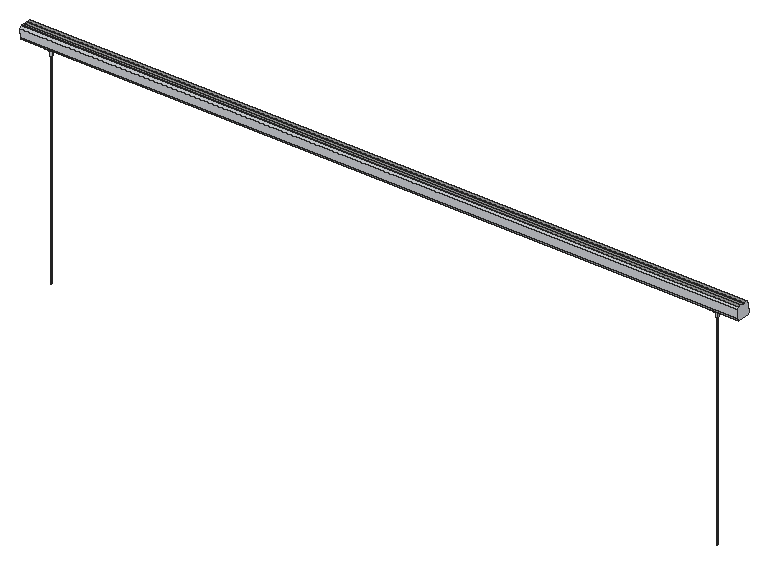
Revit family "0042539 Sylvania Lighting Fixture ISOLINE  3380MM 4K ASYL 5C", category Lighting Fixtures, host Face, Revit 2018
Family settings
  Host = Face
  Round Connector Dimension = Use Diameter
  Part Type = Normal
  OmniClass Number = 23.80.70.00
  OmniClass Title = Lighting
  Cut with Voids When Loaded = No
  Light Source = Yes
  Shared = No
  Room Calculation Point = No
Parameters (values of type "0042539 ISOLINE  3380MM 4K ASYL 5C")
  suspension height = 1000 mm
  spacer height = 5 mm
  spacer centres = 1000 mm
  height = 58.791 mm
  Width = 62 mm
  Weight = "n/a"
  Wattage Comments = ""
  Wattage = 9.2903 W
  WarrantyStartDate [instance] = "n/a"
  WarrantyGuarantorParts = "n/a"
  WarrantyDurationUnit = "n/a"
  WarrantyDurationParts = ""
  WarrantyDescription = "http://www.sylvania-lighting.com"
  built-in parameter 1150110 = 1 (stored number, unit not read)
  Voltage = 0 V
  URL = "0"
  TypeName = "ISOLINE  3380MM 4K ASYL 5C"
  Type Image = <None>
  Type Comments = "n/a"
  built-in parameter 1114217 = 1 (stored number, unit not read)
  Tilt Angle = 90.00°
  built-in parameter 1150109 = 1 (stored number, unit not read)
  built-in parameter 1150134 = 3
  built-in parameter 1150113 = 1 (stored number, unit not read)
  SerialNumber [instance] = "n/a"
  Photometric Web File = "0042539.ies"
  Material_3_FEILO = none
  PowerFactor = 0
  PowerConsumption = "Lighting"
  NominalLength = 62 mm
  NominalHeight = 0 mm
  NominalDepth = 0 mm
  Name = "ISOLINE  3380MM 4K ASYL 5C"
  ModelReference = Name  # "ISOLINE  3380MM 4K ASYL 5C"
  ModelNumber = "0042539"
  Model = Name  # "ISOLINE  3380MM 4K ASYL 5C"
  Material = "Feilo Sylvania"
  ManufacturerName = "140 lm/W"
  Manufacturer = ""
  LuminousEfficacy = ""
  built-in parameter 1150105 = 109.82 (stored number, unit not read)
  Lumens = 1380 lm
  LuminaireType = "0"
  built-in parameter 1150115 = 1 (stored number, unit not read)
  LightOutputRatio = "LED"
  built-in parameter 1150137 = (empty or 0)
  built-in parameter 1150139 = (empty or 0)
  Length = 3380 mm
  LampsType = Lamp  # "n/a"
  LampNominalLuminous = "4000 K"
  LampMacAdamStep = "80"
  LampColourTemperature = "LED"
  LampColourRenderingIndex = "16500"
  built-in parameter 1150112 = 1 (stored number, unit not read)
  built-in parameter 1150114 = 1 (stored number, unit not read)
  Lamp = "n/a"
  Keynote = "n/a"
  InstallationDate [instance] = "n/a"
  InputVoltage = "0"
  InputNominalFrequency = "4000"
  built-in parameter 1150132 = (empty or 0)
  built-in parameter 1150102 = (empty or 0)
  built-in parameter 1150107 = 3200 (stored number, unit not read)
  built-in parameter 1150138 = (empty or 0)
  IngressProtection = "IfcLightFixtureType"
  ImpactProtectionIndex = "IfcLightFixtureType"
  built-in parameter 1150106 = 1.0982 (stored number, unit not read)
  IfcExportType = "IfcLightFixtureType"
  IfcExportAs = "Class I"
  Height = 1000 mm
  ExpectedLife = 50000
  Emit from Circle Diameter = 609.6 mm
  Emit Shape Visible in Rendering = no
  ElectricShockClassification = "140"
  built-in parameter 1150104 = 13.8 (stored number, unit not read)
  DurationUnit = "hours"
  DocumentationLiterature = "http://www.sylvania-lighting.com/product/en-int/products/0042539"
  DimmingControlOptions = "n/a"
  Material_2_FEILO = none
  Dimming Lamp Color Temperature Shift = <None>
  Description = "Isoline LED linear luminaire for industrial and commercial applications. 3380 mm lenght with asymmetrical (Left) optics provide homogenous light distribution for wide, shelf areas. Aluminium housing, RAL 9016. Max + 35 °C operating temperature range, 4000 K, CRI 80, 3 SDMC. 114 W power consumption, 16000 lm luminous flux, 140 lm/W efficacy, 3380 mm x62 mm x 59 mm (L x W x H) dimensions, IP20, IK03, 220-240 V 50/60 Hz, Class I.Lifespan L70:B50 60,000 hours."
  Default Elevation = 1219.2 mm
  CreatedOn = "04/03/2021"
  CreatedBy = "@sylvania-lighting.com"
  Cost = 0
  Color Filter = 16777215
  built-in parameter 1114216 [instance] = (empty or 0)
  ClassificationValue = "EF_70_80"
  ClassificationName = "Uniclass2015"
  Material_1_FEILO = none
  BarCode [instance] = "n/a"
  built-in parameter 1114218 = 1 (stored number, unit not read)
  built-in parameter 1150133 = 10 (stored number, unit not read)
  AssetType = "Fixed"
  AssetIdentifier [instance] = "n/a"
  Assembly Code = "D5020200"
  Apparent Load = 114 VA
  Material_4_FEILO = none
Reference planes
  plane 1 "Center (Front/Back)": y = 0
  plane 2: z = 0
  plane 3 "Center (Left/Right)": x = 0
  plane 4: z = 0
  plane 5: z = 1000
  plane 6: y = 31
  plane 7: y = -31
  plane 8: x = -1690
  plane 9: x = 1690
  plane 10: x = -37.307
  plane 11: x = 55
  plane 12: z = 1058.791
  plane 13: z = 51
  plane 14: y = -27
  plane 15: y = 27
  plane 16: z = 12
  plane 17: y = -24.969
  plane 18: y = 25
  plane 19: y = 12
  plane 20: y = -12
  plane 21: z = 1.634
  plane 22: y = -8
  plane 23: y = 8
  plane 24: x = -1580
  plane 25: x = -1555
  plane 26: x = 1580
  plane 27: x = 1555
  plane 28: z = 995
  plane 29: y = 26.98
  plane 30: y = 16.98
  plane 31: y = -27.027
  plane 32: y = -17.004
  plane 33: z = 996.5
  plane 34: y = 26.002
  plane 35: y = -26.027
  plane 36: through (-1580, 7.965, 1219.2) normal (0.5391, 0.8423, 0)
  plane 37: through (-1555, 7.965, 1219.2) normal (0.5391, -0.8423, 0)
  plane 38: through (1555, 7.965, 1219.2) normal (0.5391, 0.8423, 0)
  plane 39: through (1580, 8, 1219.2) normal (0.5399, -0.8417, 0)
  plane 40: z = 1058.003
  plane 41: z = 1056.819
Forms (mm)
  Extrusion 1, solid, detail levels medium+fine
    sketch origin (-1690, -1523.717, -160.594) x (0, -1, -0.000261) y (0, 0.000261, -1)
      loop
        line (-1493, -1168.2) -> (-1497, -1160.2) -> (-1551, -1160.2) -> (-1555, -1168.2) -> (-1555, -1207.2) -> (-1549.109, -1218.982) -> (-1535.466, -1218.982) -> (-1532, -1217.566) -> (-1516, -1217.566) -> (-1512.511, -1218.991) -> (-1498.896, -1218.991) -> (-1493, -1207.2) -> (-1493, -1168.2)
    from 0 to 3380
  Extrusion 2, solid
    sketch origin (1555, 1524, 1219.189) x (0, 1, 0) y (0, 0, 1)
      loop
        line (-1497.021, -219.189) -> (-1498.02, -219.189) -> (-1507.02, -223.699) -> (-1541.004, -223.699) -> (-1550.017, -219.203) -> (-1551.02, -219.203) -> (-1541.004, -224.2) -> (-1507.02, -224.2) -> (-1497.021, -219.189)
    from 0 to 25
  Extrusion 3, solid
    sketch origin (-1580, 1524, 1219.189) x (0, 1, 0) y (0, 0, 1)
      loop
        line (-1497.021, -219.189) -> (-1498.02, -219.189) -> (-1507.02, -223.699) -> (-1541.004, -223.699) -> (-1550.017, -219.203) -> (-1551.02, -219.203) -> (-1541.004, -224.2) -> (-1507.02, -224.2) -> (-1497.021, -219.189)
    from 0 to 25
  Extrusion 4, solid
    sketch origin (4.2, 0, 0) x (1, 0, 0) y (0, 1, 0)
      loop
        circle (-1571.7, -0.035) r 5
    from 962.277 to 995
  Extrusion 5, solid
    sketch origin (3139.062, 0.065, 0) x (1, 0, 0) y (0, 1, 0)
      loop
        circle (-1571.7, -0.035) r 5
    from 962.277 to 995
  Extrusion 6, solid
    sketch origin (4.2, 0, 0) x (1, 0, 0) y (0, 1, 0)
      loop
        circle (-1571.7, -0.035) r 1.5
    from 0 to 962.277
  Extrusion 7, solid
    sketch origin (3139.076, 0.033, 0) x (1, 0, 0) y (0, 1, 0)
      loop
        circle (-1571.7, -0.035) r 1.5
    from 0 to 977.512
  Extrusion 8, solid, material "Glass, White, High Luminance", detail levels fine
    sketch origin (319, 1524, 1219.2) x (0, 1, 0) y (0, 0, 1)
      loop
        line (-1498.926, -160.099) -> (-1512.703, -160.099) -> (-1516.213, -161.534) -> (-1531.9, -161.534) -> (-1535.47, -160.114) -> (-1549.12, -160.114) -> (-1549.12, -161.197) -> (-1535.782, -161.197) -> (-1532.805, -162.381) -> (-1515.468, -162.381) -> (-1512.929, -161.197) -> (-1498.926, -161.197) -> (-1498.926, -160.099)
    from -2009 to 1371
  Extrusion 9, solid, detail levels coarse
    sketch origin (319, 1524, 1219.2) x (0, 1, 0) y (0, 0, 1)
      loop
        line (-1493, -160.052) -> (-1555, -160.052) -> (-1555, -1219.2) -> (-1493, -1219.2) -> (-1493, -160.052)
    from -2009 to 1371
Dimensions and locks
  "Width": plane 6 to plane 7
  equal spacing: plane 6, plane 1 "Center (Front/Back)", plane 7
  "Length": plane 8 to plane 9
  equal spacing: plane 8, plane 3 "Center (Left/Right)", plane 9
  "height": plane 12 to plane 5
  "suspension height": plane 5 to level
  aligned and locked: host face to plane 2
  aligned and locked: host face to level
Automatic sketch dimensions
  host sketch curve to host sketch curve = 3582.803 mm
  host sketch curve to host sketch curve = 2438.4 mm
  Extrusion 1 sketch curve to plane 29 = 0 mm
  Extrusion 1 sketch curve to plane 6 = 0.033 mm
  Extrusion 1 sketch curve to plane 12 = 11.778 mm
  Extrusion 1 sketch curve to Extrusion 1 sketch curve = 4 mm  (x2)
  Extrusion 1 sketch curve to Extrusion 1 sketch curve = 5.891 mm
  Extrusion 1 sketch curve to Extrusion 1 sketch curve = 13.643 mm
  Extrusion 1 sketch curve to Extrusion 1 sketch curve = 3.466 mm
  Extrusion 1 sketch curve to Extrusion 1 sketch curve = 16 mm
  Extrusion 1 sketch curve to Extrusion 1 sketch curve = 3.489 mm
  Extrusion 1 sketch curve to Extrusion 1 sketch curve = 13.615 mm
  Extrusion 1 sketch curve to Extrusion 1 sketch curve = 54 mm
  Extrusion 1 sketch curve to Extrusion 1 sketch curve = 47 mm
  Extrusion 1 sketch curve to Extrusion 1 sketch curve = 10.366 mm
  Extrusion 1 sketch curve to Extrusion 1 sketch curve = 1.425 mm
  Extrusion 1 sketch curve to Extrusion 1 sketch curve = 11.782 mm
  Extrusion 1 sketch curve to Extrusion 1 sketch curve = 8 mm  (x2)
  Extrusion 2 sketch curve to plane 32 = 0 mm  (x2)
  Extrusion 2 sketch curve to plane 30 = 0 mm  (x2)
  Extrusion 2 sketch curve to plane 5 = 0 mm
  Extrusion 2 sketch curve to plane 35 = 0.01 mm
  Extrusion 2 sketch curve to plane 31 = 0.007 mm
  plane 34 to Extrusion 2 sketch curve = 0.022 mm
  plane 29 to Extrusion 2 sketch curve = 0.001 mm
  Extrusion 2 sketch curve to plane 5 = 0.014 mm
  plane 28 to Extrusion 2 sketch curve = 0.489 mm
  Extrusion 2 sketch curve to plane 28 = 0.011 mm
  Extrusion 3 sketch curve to plane 32 = 0 mm  (x2)
  Extrusion 3 sketch curve to plane 30 = 0 mm  (x2)
  Extrusion 3 sketch curve to plane 5 = 0 mm
  Extrusion 3 sketch curve to plane 35 = 0.01 mm
  Extrusion 3 sketch curve to plane 31 = 0.007 mm
  plane 34 to Extrusion 3 sketch curve = 0.022 mm
  plane 29 to Extrusion 3 sketch curve = 0.001 mm
  Extrusion 3 sketch curve to plane 5 = 0.014 mm
  plane 28 to Extrusion 3 sketch curve = 0.489 mm
  Extrusion 3 sketch curve to plane 28 = 0.011 mm
  Extrusion 4 sketch curve to plane 36 = 0 mm
  plane 37 to Extrusion 4 sketch curve = 0 mm
  Extrusion 5 sketch curve to plane 1 "Center (Front/Back)" = 0.029 mm
  plane 27 to Extrusion 5 sketch curve = 12.362 mm
  Extrusion 6 sketch curve to plane 36 = 0 mm
  plane 37 to Extrusion 6 sketch curve = 0 mm
  plane 1 "Center (Front/Back)" to Extrusion 7 sketch curve = 0.002 mm
  plane 27 to Extrusion 7 sketch curve = 12.376 mm
  Extrusion 8 sketch curve to plane 40 = 0 mm  (x2)
  Extrusion 8 sketch curve to plane 41 = 0 mm
  plane 17 to Extrusion 8 sketch curve = 0.151 mm
  Extrusion 8 sketch curve to plane 20 = 0.218 mm
  plane 12 to Extrusion 8 sketch curve = 0.295 mm
  Extrusion 8 sketch curve to plane 20 = 0.53 mm
  plane 22 to Extrusion 8 sketch curve = 0.805 mm
  Extrusion 8 sketch curve to plane 22 = 0.1 mm
  plane 23 to Extrusion 8 sketch curve = 0.213 mm
  Extrusion 8 sketch curve to plane 23 = 0.532 mm
  plane 19 to Extrusion 8 sketch curve = 0.929 mm
  Extrusion 8 sketch curve to plane 18 = 0.074 mm
  plane 41 to Extrusion 8 sketch curve = 0.848 mm
  plane 19 to Extrusion 8 sketch curve = 0.703 mm
  plane 12 to Extrusion 8 sketch curve = 0.31 mm
  Extrusion 9 sketch curve to plane 7 = 0 mm
  Extrusion 9 sketch curve to plane 6 = 0 mm
  Extrusion 9 sketch curve to plane 33 = 996.5 mm
  plane 12 to Extrusion 9 sketch curve = 0.357 mm
  radius of Extrusion 4 sketch curve = 5 mm
  radius of Extrusion 5 sketch curve = 5 mm
  radius of Extrusion 6 sketch curve = 1.5 mm
  radius of Extrusion 7 sketch curve = 1.5 mm
Connectors
  electrical at (0, -0.02, 1000.004)
    settings: on Extrusion 1, index 1, voltage 0 V, apparent load 0 VA, apparent load phase1 0 VA, apparent load phase2 0 VA, apparent load phase3 0 VA, power factor 1, load classification "Other", number of poles 1, system type 31, power factor state 1, is connector primary yes, connector utility no, sub classification motor no, connector description ""
